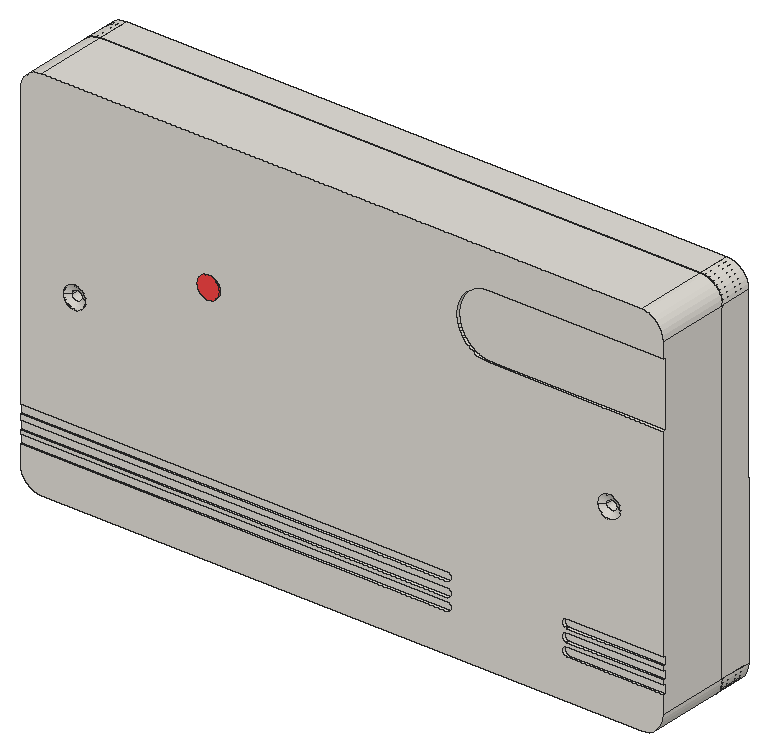
Revit family "TYCO-FPP-FireClass-FC410TSM DOOR CONTROL MODULE", category Electrical Fixtures, Revit 2014
Parameters (values of type "TYCO-FPP-FireClass-FC410TSM DOOR CONTROL MODULE")
  Width = 80 mm  # constant formula
  URL = "http://www.bentelsecurity.com/index.php?n=products&o=view&id=286#tab1"
  Type Comments = "Its monitored input provides the possibility to check if the door is really closed"
  Storage Temperature = "-40 a +80 °C"
  STT = STT
  ST1 = ST1
  Relative Humidity = "95% (non condensing)"
  Rear Cover = yes
  PCB = PCB
  Operating temperature = "-25 to +70 °C"
  Model = "FireClass- 555.800.769"
  Manufacturer = "Tyco"
  Loop Voltage = "24 V"
  Length = 60 mm  # constant formula
  Keynote = "The new FC410TSM Door Control Module is designed to close a door in case of fire or fault event"
  Front Cover = yes
  Description = "FC410TSM DOOR CONTROL MODULE"
  Approvals = "VdS EN 54-17 & EN 54-18 standards"
Reference planes
  plane 1 "Center (Front/Back)": y = 0
  plane 2: z = 0
  plane 3 "Center (Left/Right)": x = 0
  plane 4: x = -40
  plane 5: x = 40
  plane 6: z = 30
  plane 7: z = -30
Forms (mm)
  Extrusion 1, solid, material "PCB" <- "PCB", detail levels fine
    sketch origin (0, 0, 0) x (1, 0, 0) y (0, 0, 1)
      loop
        line (-40, 30) -> (-40, -30) -> (40, -30) -> (40, 30) -> (-40, 30)
      loop
        circle (-27.829, 16.145) r 2.797
      loop
        circle (27.829, 16.145) r 2.797
      loop
        circle (-27.829, -16.145) r 2.797
      loop
        circle (27.829, -16.145) r 2.797
      loop
        circle (36.531, 26.52) r 1.142
      loop
        circle (36.531, -26.52) r 1.142
      loop
        circle (-36.531, 16.52) r 1.142
      loop
        circle (-36.531, -26.52) r 1.142
    from 0 to -0.18
  Extrusion 2, solid, material "STT" <- "STT", detail levels fine
    sketch origin (-40, 45.493, 1219.2) x (0, 1, 0) y (0, 0, 1)
      loop
        line (-45.493, -1189.2) -> (-47.584, -1189.2) -> (-49.635, -1191.251) -> (-49.635, -1194.928) -> (-47.429, -1197.134) -> (-45.493, -1197.134) -> (-45.493, -1189.2)
    from 12.234 to 70.444
  Extrusion 3, solid, material "ST1" <- "ST1", detail levels fine
    sketch origin (-40, -1.532, 30) x (0, 1, 0) y (-1, 0, 0)
      loop
        line (1.532, -12.582) -> (-0.216, -12.582) -> (-0.216, -15.597) -> (1.532, -15.597) -> (1.532, -12.582)
      loop
        line (1.532, -16.495) -> (-0.216, -16.495) -> (-0.216, -19.51) -> (1.532, -19.51) -> (1.532, -16.495)
      loop
        line (1.532, -21.076) -> (-0.216, -21.076) -> (-0.216, -24.091) -> (1.532, -24.091) -> (1.532, -21.076)
      loop
        line (1.532, -24.989) -> (-0.216, -24.989) -> (-0.216, -28.004) -> (1.532, -28.004) -> (1.532, -24.989)
      loop
        line (1.532, -29.777) -> (-0.216, -29.777) -> (-0.216, -32.792) -> (1.532, -32.792) -> (1.532, -29.777)
      loop
        line (1.532, -33.69) -> (-0.216, -33.69) -> (-0.216, -36.705) -> (1.532, -36.705) -> (1.532, -33.69)
      loop
        line (1.532, -67.418) -> (1.532, -64.403) -> (-0.216, -64.403) -> (-0.216, -67.418) -> (1.532, -67.418)
      loop
        line (1.532, -63.505) -> (1.532, -60.49) -> (-0.216, -60.49) -> (-0.216, -63.505) -> (1.532, -63.505)
      loop
        line (1.532, -58.924) -> (1.532, -55.909) -> (-0.216, -55.909) -> (-0.216, -58.924) -> (1.532, -58.924)
      loop
        line (1.532, -55.011) -> (1.532, -51.996) -> (-0.216, -51.996) -> (-0.216, -55.011) -> (1.532, -55.011)
      loop
        line (1.532, -50.223) -> (1.532, -47.208) -> (-0.216, -47.208) -> (-0.216, -50.223) -> (1.532, -50.223)
      loop
        line (1.532, -46.31) -> (1.532, -43.295) -> (-0.216, -43.295) -> (-0.216, -46.31) -> (1.532, -46.31)
    from 0 to 0.592
  Extrusion 4, solid, material "ST1" <- "ST1", detail levels fine
    sketch origin (-40, -2.524, 22.655) x (0, -0.707107, 0.707107) y (-1, 0, 0)
      loop
        circle (0.73, -14.028) r 1.269
      loop
        circle (0.73, -17.884) r 1.269
      loop
        circle (0.73, -22.478) r 1.269
      loop
        circle (0.73, -26.334) r 1.269
      loop
        circle (0.73, -31.378) r 1.269
      loop
        circle (0.73, -35.233) r 1.269
      loop
        circle (0.73, -65.972) r 1.269
      loop
        circle (0.73, -62.116) r 1.269
      loop
        circle (0.73, -57.522) r 1.269
      loop
        circle (0.73, -53.666) r 1.269
      loop
        circle (0.73, -48.622) r 1.269
      loop
        circle (0.73, -44.767) r 1.269
    from 0 to 0.396
  Extrusion 5, solid, material "RS", detail levels fine
    sketch origin (0, 0, 0) x (1, 0, 0) y (0, 0, 1)
      loop
        line (30.589, 10.697) -> (30.589, -6.995) -> (38.589, -6.995) -> (38.589, 10.697) -> (30.589, 10.697)
    from 0 to 2.193
  Extrusion 6, solid, material "STT" <- "STT", detail levels fine
    sketch origin (0, 0, 0) x (1, 0, 0) y (0, 0, 1)
      loop
        circle (35.824, -11.308) r 2.633
    from 0 to 7.034
  Extrusion 7, solid, material "STT" <- "STT", detail levels fine
    sketch origin (0, 0, 0) x (1, 0, 0) y (0, 0, 1)
      loop
        line (22.292, -17.973) -> (22.292, -6.221) -> (19.515, -6.221) -> (19.515, -17.973) -> (22.292, -17.973)
      loop
        line (22.292, -4.512) -> (22.292, 7.24) -> (19.515, 7.24) -> (19.515, -4.512) -> (22.292, -4.512)
      loop
        line (13.425, -9.961) -> (10.327, -9.961) -> (10.327, -16.691) -> (13.425, -16.691) -> (13.425, -9.961)
      loop
        line (2.528, -6.221) -> (-5.591, -6.221) -> (-5.591, -13.059) -> (2.528, -13.059) -> (2.528, -6.221)
      loop
        line (-3.882, 7.24) -> (-3.882, 1.15) -> (6.118, 1.15) -> (6.118, 7.24) -> (-3.882, 7.24)
      loop
        line (-12.749, -15.089) -> (-12.749, -19.041) -> (-10.506, -19.041) -> (-10.506, -15.089) -> (-12.749, -15.089)
      loop
        line (-21.296, 14.398) -> (-21.296, 9.398) -> (-19.48, 9.398) -> (-19.48, 14.398) -> (-21.296, 14.398)
      loop
        line (-16.296, 14.398) -> (-16.296, 9.398) -> (-14.48, 9.398) -> (-14.48, 14.398) -> (-16.296, 14.398)
      loop
        line (-10.506, 3.673) -> (-12.749, 3.673) -> (-12.749, 1.15) -> (-10.506, 1.15) -> (-10.506, 3.673)
    from 0 to 0.202
Lines and regions (mm)
  model lines, detail levels coarse+medium
    curve 1: line (-40, 0, 30) -> (40, 0, 30)
    curve 2: line (-40, 0, -30) -> (-40, 0, 30)
    curve 3: line (40, 0, -30) -> (-40, 0, -30)
    curve 4: line (40, 0, 30) -> (40, 0, -30)
Dimensions and locks
  equal spacing: plane 4, plane 3 "Center (Left/Right)", plane 5
  "Width": plane 4 to plane 5
  equal spacing: plane 6, plane 2, plane 7
  "Length": plane 6 to plane 7
  aligned and locked: level to plane 2
  aligned and locked: Extrusion 1 sketch curve to plane 6
  aligned and locked: plane 4 to Extrusion 1 sketch curve
  aligned and locked: Extrusion 1 sketch curve to plane 7
  aligned and locked: plane 5 to Extrusion 1 sketch curve
  aligned and locked: Extrusion 3 to plane 6
  aligned and locked: Extrusion 7 to plane 1 "Center (Front/Back)"
  aligned and locked: curve 1 to plane 6
  aligned and locked: plane 5 to curve 4
  aligned and locked: curve 3 to plane 7
  aligned and locked: plane 4 to curve 2
  aligned and locked: plane 3 "Center (Left/Right)" to nested 1
  aligned and locked: plane 2 to nested 1
  aligned and locked: nested 1 to Extrusion 1
  aligned and locked: plane 3 "Center (Left/Right)" to nested 2
  aligned and locked: nested 2 to Extrusion 1
  aligned and locked: plane 2 to nested 2
Automatic sketch dimensions
  plane 4 to Extrusion 1 sketch curve = 3.469 mm  (x2)
  plane 4 to Extrusion 1 sketch curve = 12.171 mm  (x2)
  plane 5 to Extrusion 1 sketch curve = 12.171 mm  (x2)
  plane 5 to Extrusion 1 sketch curve = 3.469 mm  (x2)
  Extrusion 1 sketch curve to plane 7 = 3.48 mm  (x2)
  Extrusion 1 sketch curve to Extrusion 1 sketch curve = 10.376 mm  (x2)
  Extrusion 1 sketch curve to plane 6 = 13.855 mm  (x2)
  Extrusion 1 sketch curve to plane 6 = 3.48 mm
  Extrusion 1 sketch curve to plane 6 = 13.48 mm
  Extrusion 2 sketch curve to plane 6 = 0 mm
  Extrusion 2 sketch curve to plane 1 "Center (Front/Back)" = 0 mm
  Extrusion 2 sketch curve to Extrusion 2 sketch curve = 1.936 mm
  Extrusion 2 sketch curve to Extrusion 2 sketch curve = 2.09 mm
  Extrusion 2 sketch curve to Extrusion 2 sketch curve = 2.206 mm  (x2)
  Extrusion 2 sketch curve to plane 6 = 2.051 mm
  Extrusion 2 sketch curve to Extrusion 2 sketch curve = 3.677 mm
  Extrusion 2 to Extrusion 3 sketch curve = 0 mm  (x12)
  Extrusion 3 sketch curve to Extrusion 2 = 0.342 mm  (x12)
  Extrusion 2 to Extrusion 3 sketch curve = 3.026 mm
  Extrusion 3 sketch curve to Extrusion 3 sketch curve = 3.015 mm  (x11)
  Extrusion 3 sketch curve to Extrusion 3 sketch curve = 0.898 mm  (x6)
  Extrusion 3 sketch curve to Extrusion 3 sketch curve = 1.565 mm  (x2)
  Extrusion 3 sketch curve to Extrusion 3 sketch curve = 1.772 mm  (x2)
  Extrusion 3 sketch curve to Extrusion 3 sketch curve = 6.59 mm
  Extrusion 2 to Extrusion 3 sketch curve = 0.348 mm
  Extrusion 2 to Extrusion 4 sketch curve = 1.557 mm  (x12)
  Extrusion 2 to Extrusion 4 sketch curve = 4.472 mm
  Extrusion 4 sketch curve to Extrusion 4 sketch curve = 3.856 mm  (x5)
  Extrusion 4 sketch curve to Extrusion 4 sketch curve = 4.595 mm  (x2)
  Extrusion 4 sketch curve to Extrusion 4 sketch curve = 5.044 mm  (x2)
  Extrusion 4 sketch curve to Extrusion 4 sketch curve = 9.533 mm
  Extrusion 2 to Extrusion 4 sketch curve = 1.794 mm
  Extrusion 5 sketch curve to Extrusion 1 = 9.411 mm
  Extrusion 5 sketch curve to Extrusion 1 = 1.411 mm
  Extrusion 5 sketch curve to Extrusion 1 = 23.005 mm
  Extrusion 5 sketch curve to Extrusion 5 sketch curve = 17.691 mm
  Extrusion 6 sketch curve to Extrusion 1 = 4.176 mm
  Extrusion 6 sketch curve to Extrusion 1 = 18.692 mm
  plane 4 to Extrusion 7 sketch curve = 18.704 mm
  Extrusion 7 sketch curve to Extrusion 7 sketch curve = 1.816 mm  (x2)
  Extrusion 7 sketch curve to Extrusion 7 sketch curve = 3.184 mm
  Extrusion 7 sketch curve to plane 3 "Center (Left/Right)" = 12.749 mm
  level to Extrusion 7 sketch curve = 1.15 mm  (x2)
  Extrusion 7 sketch curve to Extrusion 7 sketch curve = 1.731 mm
  Extrusion 7 sketch curve to Extrusion 7 sketch curve = 2.244 mm  (x2)
  Extrusion 7 sketch curve to plane 3 "Center (Left/Right)" = 5.591 mm
  Extrusion 7 sketch curve to plane 3 "Center (Left/Right)" = 3.882 mm
  plane 3 "Center (Left/Right)" to Extrusion 7 sketch curve = 2.528 mm
  plane 3 "Center (Left/Right)" to Extrusion 7 sketch curve = 6.118 mm
  Extrusion 7 sketch curve to Extrusion 7 sketch curve = 7.799 mm
  Extrusion 7 sketch curve to Extrusion 7 sketch curve = 3.098 mm
  Extrusion 7 sketch curve to Extrusion 7 sketch curve = 13.397 mm
  Extrusion 7 sketch curve to Extrusion 7 sketch curve = 0 mm  (x4)
  Extrusion 7 sketch curve to Extrusion 7 sketch curve = 2.778 mm
  Extrusion 7 sketch curve to level = 4.512 mm
  Extrusion 7 sketch curve to level = 6.221 mm
  Extrusion 7 sketch curve to Extrusion 7 sketch curve = 1.709 mm
  Extrusion 7 sketch curve to Extrusion 7 sketch curve = 3.739 mm
  Extrusion 7 sketch curve to Extrusion 7 sketch curve = 6.837 mm
  Extrusion 7 sketch curve to Extrusion 7 sketch curve = 2.03 mm
  Extrusion 7 sketch curve to Extrusion 7 sketch curve = 6.731 mm
  Extrusion 7 sketch curve to Extrusion 7 sketch curve = 1.282 mm
  Extrusion 7 sketch curve to Extrusion 7 sketch curve = 3.953 mm
  Extrusion 7 sketch curve to Extrusion 7 sketch curve = 2.523 mm
  Extrusion 7 sketch curve to Extrusion 7 sketch curve = 6.09 mm
  level to Extrusion 7 sketch curve = 7.24 mm
  level to Extrusion 7 sketch curve = 9.398 mm
  Extrusion 7 sketch curve to Extrusion 7 sketch curve = 5 mm
  radius of Extrusion 1 sketch curve = 2.797 mm  (x4)
  radius of Extrusion 1 sketch curve = 1.142 mm  (x4)
  radius of Extrusion 4 sketch curve = 1.269 mm  (x12)
  radius of Extrusion 6 sketch curve = 2.633 mm
Nested families
  nested 1: "517.035.007" at (0, 0, 0), visible <- "Front Cover", type "517.035.007 cover"
    with Front Cover yes
  nested 2: "517.035.010 rear cover" at (0, -6.185, -7.5), visible <- "Rear Cover", type "517.035.010 back box"
    with Rear cover yes
Connectors
  electrical at (0, 0.18, 0)
    settings: on Extrusion 1, index 1, voltage 24 V, apparent load 0 VA, apparent load phase1 0 VA, apparent load phase2 0 VA, apparent load phase3 0 VA, power factor 1, load classification "Other", number of poles 1, system type 31, power factor state 1, is connector primary yes, connector utility no, sub classification motor no, connector description ""
Definition of nested family "517.035.007"
  Parameters (values of type "517.035.007 cover")
    X = 2 mm
    W = 148 mm
    Type Comments = "M520 Ancillary cover for use with 800 series modules.\r\nWill fit onto a MK style double gang back box."
    Model = "517.035.007"
    Material = Cover
    Manufacturer = "Tyco"
    L = 87 mm
    Front Cover [instance] = yes
    Description = "M520 Ancillary Cover"
    D = 23 mm
  Reference planes
    plane 1 "Center (Front/Back)": y = 0
    plane 2: z = 0
    plane 3 "Center (Left/Right)": x = 0
    plane 4: x = -74
    plane 5: x = 74
    plane 6: x = 61.5
    plane 7: z = 43.5
    plane 8: z = -43.5
    plane 9: y = -23
  Forms (mm)
    Extrusion 1, solid, material "Cover" <- "Material", visible <- "Front Cover", detail levels fine
      sketch origin (0, -23.027, 0) x (1, 0, 0) y (0, 0, 1)
        loop
          arc (-69, 43.5) -> (-72.536, 42.036) -> (-74, 38.5) r 5
          line (-74, 38.5) -> (-74, -38.5)
          arc (-74, -38.5) -> (-72.536, -42.036) -> (-69, -43.5) r 5
          line (-69, -43.5) -> (69, -43.5)
          arc (69, -43.5) -> (72.536, -42.036) -> (74, -38.5) r 5
          line (74, -38.5) -> (74, 38.5)
          arc (74, 38.5) -> (72.536, 42.036) -> (69, 43.5) r 5
          line (69, 43.5) -> (-69, 43.5)
      from -23 to 0
    Extrusion 2, void
      sketch origin (0, -23.027, 0) x (-1, 0, 0) y (0, 0, 1)
        loop
          line (74, -26.396) -> (-24.324, -26.396)
          arc (-24.324, -26.396) -> (-25.324, -27.396) -> (-24.324, -28.396) r 1
          line (-24.324, -28.396) -> (74, -28.396) -> (74, -26.396)
        loop
          line (74, -29.671) -> (-24.324, -29.671)
          arc (-24.324, -29.671) -> (-25.324, -30.671) -> (-24.324, -31.671) r 1
          line (-24.324, -31.671) -> (74, -31.671) -> (74, -29.671)
        loop
          line (74, -32.583) -> (-24.324, -32.583)
          arc (-24.324, -32.583) -> (-25.324, -33.583) -> (-24.324, -34.583) r 1
          line (-24.324, -34.583) -> (74, -34.583) -> (74, -32.583)
        loop
          line (-51.834, -26.396) -> (-74, -26.396) -> (-74, -28.396) -> (-51.834, -28.396)
          arc (-51.834, -28.396) -> (-50.834, -27.396) -> (-51.834, -26.396) r 1
        loop
          line (-51.834, -29.305) -> (-74, -29.305) -> (-74, -31.305) -> (-51.834, -31.305)
          arc (-51.834, -31.305) -> (-50.834, -30.305) -> (-51.834, -29.305) r 1
        loop
          line (-51.834, -32.254) -> (-74, -32.254) -> (-74, -34.254) -> (-51.834, -34.254)
          arc (-51.834, -34.254) -> (-50.834, -33.254) -> (-51.834, -32.254) r 1
        loop
          line (-74, 34.995) -> (-74, 19.995) -> (-34, 19.995)
          arc (-34, 19.995) -> (-26.5, 27.495) -> (-34, 34.995) r 7.5
          line (-34, 34.995) -> (-74, 34.995)
      from 0 to 0.563
    Revolve 3, void
      sketch origin (0, -23.027, 0) x (0, -1, 0) y (1, 0, 0)
        loop
          line (-3.575, 61.5) -> (0, 61.5) -> (0, 64.045) -> (-0.836, 62.678) -> (-3.575, 62.678) -> (-3.575, 61.5)
        axis (-3.575, 61.5) -> (0, 61.5)
      angle from 0 to 360
    Extrusion 4, solid, material "LED RED", detail levels fine
      sketch origin (0, -23.027, 0) x (1, 0, 0) y (0, 0, 1)
        loop
          circle (-30.624, 12.978) r 2.558
      from -1.293 to 0.174
    Extrusion 5, void
      sketch origin (-94.576, -0.027, -4572) x (1, 0, 0) y (0, 0, -1)
        loop
          line (26.703, -4612.567) -> (162.316, -4612.567)
          arc (162.316, -4612.567) -> (164.664, -4611.594) -> (165.637, -4609.246) r 3.321
          line (165.637, -4609.246) -> (165.637, -4534.612)
          arc (165.637, -4534.612) -> (164.589, -4532.082) -> (162.058, -4531.033) r 3.578
          line (162.058, -4531.033) -> (27.05, -4531.033)
          arc (27.05, -4531.033) -> (24.499, -4532.09) -> (23.442, -4534.641) r 3.608
          line (23.442, -4534.641) -> (23.442, -4609.306)
          arc (23.442, -4609.306) -> (24.397, -4611.612) -> (26.703, -4612.567) r 3.261
      from 0 to -19.425
    Revolve 6, void
      sketch origin (0, -23.027, 0) x (0, 1, 0) y (-1, 0, 0)
        loop
          line (3.575, 61.5) -> (3.575, 62.678) -> (0.836, 62.678) -> (0, 64.045) -> (0, 61.5) -> (3.575, 61.5)
        axis (3.575, 61.5) -> (0, 61.5)
      angle from 0 to 360
  Cuts and joins
    Extrusion 2, Revolve 3, Extrusion 5, Revolve 6 cuts Extrusion 1
  Dimensions and locks
    equal spacing: plane 4, plane 3 "Center (Left/Right)", plane 5
    "W": plane 4 to plane 5
    locked: plane 5 to plane 6 at 12.5
    equal spacing: plane 7, level, plane 8
    "L": plane 7 to plane 8
    "D": plane 9 to plane 1 "Center (Front/Back)"
    aligned and locked: plane 2 to level
    aligned and locked: Extrusion 1 to Extrusion 5
    aligned and locked: Extrusion 1 sketch curve to plane 7
    aligned and locked: plane 4 to Extrusion 1 sketch curve
    aligned and locked: Extrusion 1 sketch curve to plane 8
    aligned and locked: Extrusion 1 to Extrusion 2
  Automatic sketch dimensions
    plane 5 to Extrusion 1 sketch curve = 0 mm
    plane 4 to Extrusion 1 sketch curve = 5 mm  (x2)
    plane 5 to Extrusion 1 sketch curve = 5 mm
    Extrusion 1 sketch curve to Extrusion 1 sketch curve = 5 mm
    plane 5 to Extrusion 2 sketch curve = 0 mm  (x4)
    Extrusion 2 sketch curve to plane 4 = 0 mm  (x3)
    Extrusion 2 sketch curve to plane 6 = 9.666 mm
    Extrusion 2 sketch curve to Extrusion 2 sketch curve = 0 mm  (x4)
    Extrusion 2 sketch curve to plane 6 = 27.5 mm
    Extrusion 2 sketch curve to plane 8 = 9.917 mm
    plane 3 "Center (Left/Right)" to Extrusion 2 sketch curve = 24.324 mm
    Extrusion 2 sketch curve to plane 8 = 9.246 mm
    Extrusion 2 sketch curve to plane 8 = 8.917 mm
    Extrusion 2 sketch curve to Extrusion 2 sketch curve = 1 mm  (x5)
    Extrusion 2 sketch curve to Extrusion 2 sketch curve = 0.912 mm
    Extrusion 2 sketch curve to Extrusion 2 sketch curve = 0.95 mm
    Extrusion 2 sketch curve to Extrusion 2 sketch curve = 0.908 mm
    Extrusion 2 sketch curve to Extrusion 2 sketch curve = 1.275 mm
    level to Extrusion 2 sketch curve = 19.995 mm
    Extrusion 2 sketch curve to Extrusion 2 sketch curve = 7.5 mm
    Revolve 3 sketch curve to plane 6 = 0 mm  (x2)
    plane 1 "Center (Front/Back)" to Revolve 3 sketch curve = 19.452 mm
    plane 6 to Revolve 3 sketch curve = 1.178 mm
    Revolve 3 sketch curve to Revolve 3 sketch curve = 2.739 mm
    plane 6 to Revolve 3 sketch curve = 2.545 mm
    Revolve 3 sketch curve to Revolve 3 sketch curve = 0.836 mm
    Revolve 3 sketch curve to Revolve 3 sketch curve = 0.558 mm
    Revolve 3 sketch curve to Revolve 3 sketch curve = 1.62 mm
    Extrusion 4 sketch curve to Extrusion 1 = 43.376 mm
    Extrusion 4 sketch curve to Extrusion 1 = 30.522 mm
    plane 4 to Extrusion 5 sketch curve = 2.867 mm
    Extrusion 5 sketch curve to plane 7 = 2.933 mm
    Extrusion 5 sketch curve to Extrusion 5 sketch curve = 3.261 mm
    Extrusion 5 sketch curve to plane 8 = 2.533 mm
    Extrusion 5 sketch curve to Extrusion 5 sketch curve = 3.608 mm
    plane 6 to Extrusion 5 sketch curve = 5.983 mm
    plane 6 to Extrusion 5 sketch curve = 6.24 mm
    plane 5 to Extrusion 5 sketch curve = 2.939 mm
    plane 1 "Center (Front/Back)" to Revolve 6 sketch curve = 23.027 mm
    Revolve 6 sketch curve to Revolve 6 sketch curve = 0.836 mm
    Revolve 6 sketch curve to Revolve 6 sketch curve = 2.739 mm
    plane 4 to Revolve 6 sketch curve = 12.5 mm
    Revolve 6 sketch curve to Revolve 6 sketch curve = 1.178 mm
    Revolve 6 sketch curve to Revolve 6 sketch curve = 1.367 mm
    Revolve 6 sketch curve to Revolve 6 sketch curve = 1.62 mm
    Revolve 6 sketch curve to Revolve 6 sketch curve = 0.558 mm
    Revolve 6 sketch curve to Revolve 6 sketch curve = 0 mm
    radius of Extrusion 4 sketch curve = 2.558 mm
Definition of nested family "517.035.010 rear cover"
  Parameters (values of type "517.035.010 back box")
    W = 148 mm
    URL = "http://tfppemea.com/en/_layouts/fsassets/Docs/Detection_FireClass/UK%20FireClass%20CATALOGUE%20(LR).pdf"
    Type Comments = "K2142 White plastic surface mount MK backbox for use\r\nwith 800 Series addressable ancillaries using 517.035.007\r\ncover."
    Rear cover [instance] = yes
    Model = "517.035.010\r\n517.035.010"
    Manufacturer = "Tyco"
    L = 87 mm
    Finish = rear cover
    Description = "K2142 White Plastic Surface Mount MK\r\nbackbox"
  Reference planes
    plane 1 "Center (Front/Back)": y = 0
    plane 2: z = 0
    plane 3 "Center (Left/Right)": x = 0
    plane 4: x = -74
    plane 5: x = 74
    plane 6: z = 7.5
  Forms (mm)
    Extrusion 1, solid, material "rear cover" <- "Finish", visible <- "Rear cover", detail levels fine
      sketch origin (0, 7.5, 7.5) x (1, 0, 0) y (0, 0, 1)
        loop
          arc (-69, 43.5) -> (-72.536, 42.036) -> (-74, 38.5) r 5
          line (-74, 38.5) -> (-74, -38.5)
          arc (-74, -38.5) -> (-72.536, -42.036) -> (-69, -43.5) r 5
          line (-69, -43.5) -> (69, -43.5)
          arc (69, -43.5) -> (72.536, -42.036) -> (74, -38.5) r 5
          line (74, -38.5) -> (74, 38.5)
          arc (74, 38.5) -> (72.536, 42.036) -> (69, 43.5) r 5
          line (69, 43.5) -> (-69, 43.5)
      from 0 to 7.5
    Extrusion 2, void
      sketch origin (0, 0, 0) x (-1, 0, 0) y (0, 0, 1)
        loop
          line (71.151, 48.985) -> (-71.802, 48.985) -> (-71.802, -33.613) -> (71.151, -33.613) -> (71.151, 48.985)
        loop
          circle (-61, 7.5) r 1.229
        loop
          circle (-61, 7.5) r 2.2
        loop
          circle (61, 7.5) r 1.229
        loop
          circle (61, 7.5) r 2.2
      from 0 to 6.364
  Cuts and joins
    Extrusion 2 cuts Extrusion 1
  Dimensions and locks
    equal spacing: plane 4, plane 3 "Center (Left/Right)", plane 5
    "W": plane 4 to plane 5
    plane 6 to plane 2 = 7.5 mm
    aligned and locked: plane 2 to level
    aligned and locked: Extrusion 1 sketch curve to plane 4
    aligned and locked: Extrusion 1 sketch curve to plane 5
  Automatic sketch dimensions
    Extrusion 1 sketch curve to plane 4 = 5 mm
    Extrusion 1 sketch curve to Extrusion 1 sketch curve = 5 mm
    Extrusion 1 sketch curve to plane 5 = 5 mm  (x2)
    Extrusion 1 sketch curve to level = 36 mm
    plane 6 to Extrusion 1 sketch curve = 38.5 mm
    Extrusion 2 sketch curve to Extrusion 2 sketch curve = 0 mm  (x4)
    Extrusion 2 sketch curve to plane 6 = 0 mm  (x2)
    Extrusion 2 sketch curve to plane 5 = 2.198 mm
    Extrusion 2 sketch curve to plane 5 = 13 mm
    Extrusion 2 sketch curve to plane 4 = 13 mm
    Extrusion 2 sketch curve to plane 4 = 2.849 mm
    Extrusion 2 sketch curve to level = 33.613 mm
    plane 6 to Extrusion 2 sketch curve = 41.485 mm
    radius of Extrusion 2 sketch curve = 1.229 mm  (x2)
    radius of Extrusion 2 sketch curve = 2.2 mm  (x2)
